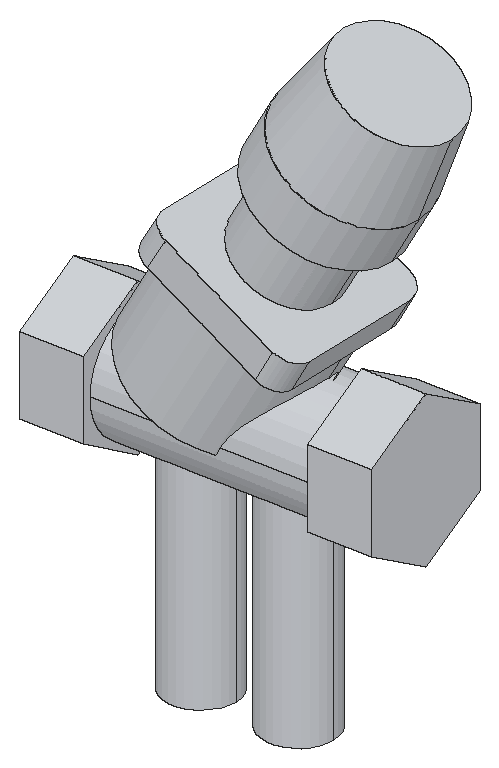
Revit family "OPTIMA_Compact_Plus_FF_DN20_5,0_RFA_2018", category Pipe Accessories, Revit 2018
Family settings
  Round Connector Dimension = Use Diameter
  Part Type = Valve - Breaks Into
  Work Plane-Based = No
  Always vertical = Yes
  Cut with Voids When Loaded = No
  Shared = No
Parameters (values of type "OPTIMA Compact Plus DN20 F-F 5.0mm")
  magiProductId = "3b063aaad6f44e8dbcb4679e4a622e"
  magiProductFamilyId = "01be67634ee84b2d9a1468c78c5465"
  magiPartTypeId = 304
  isMeasuringValve [instance] = no
  ang2D [instance] = 0.00°
  Z = 0 mm
  X = 10 mm
  W2D = 32 mm
  VersionID = "2.0/2018.8.28.1/FRESE_OPTIMA-COMPACT-FF_001"
  Use Minimum Symbol Size [instance] = yes
  URL = "www.hydronic.cz"
  Type Comments = "vnitřní závit; PN25; 0~120°C, s měřením"
  R9 = 8 mm
  R8 = 14 mm
  R7 = 17 mm
  R6 = 12 mm
  R5 = 5 mm
  R4 = 19 mm
  R3 = 19 mm
  R2 = 13.5 mm
  R1 = 17.5 mm
  QmdConnectorList = "301;D;302;D"
  Productdata [instance] = ""
  PLG0 = yes
  Manufacturer = "Hydronic Systems Prague s.r.o."
  MC Product Code = "53-1368  (3/4\" F-F; 5.0mm; Qmin-dpmin 220l/h-16.0kPa; Qmax-dpmin 1330l/h-21.6kPa; dpmax 800kPa)"
  MC Piping Given Pressure Drop [instance] = 0.0 Pa
  LL = 39.5 mm
  L3 = 11 mm
  L2D_Min = 3048 mm
  L2D = 104 mm
  L2 = 50.56 mm
  L1__ve = -L1  # -14.22 mm
  L1 = 14.22 mm
  H6__ve = -H6  # -59.5 mm
  H6 = 59.5 mm
  H5 = 20 mm
  H4 = 12 mm
  H3 = 18 mm
  H2 = 8 mm
  H1 = 26 mm
  Description = "Tlakově nezávislý 2-cestný regulační vyvažovací ventil (PICV)"
  D = 20 mm
  CenSd_R1_6 = R1 * cos(30.00°)  # 15.155 mm
  A = 30.00°
Types (6, lengths in mm): name | magiProductId | Z | X | R4 | R3 | R2 | R1 | MC Product Code | LL | L3 | L2 | L1__ve | L1 | H6__ve | H6 | H3 | H2 | H1 | D | CenSd_R1_6
  OPTIMA Compact Plus DN32 F-F 5.5mm | "df1c00d195034ef0b1ec6dc57a3080" | 1 | 13 | 29 | 31.5 | 22 | 26 | "53-1374  (5/4\" F-F; 5.5mm; Qmin-dpmin 550l/h-17.9kPa; Qmax-dpmin 4001l/h-28.0kPa; dpmax 800kPa)" | 52 | 12.5 | 66.56 | -18.72 | 18.72 | -68 | 68 | 16 | 10 | 46 | 32 | 22.517
  OPTIMA Compact Plus DN15 F-F 2.5mm | "89b348523dca4fefb6c7ae521abddd" | 0 | 7 | 19 | 19 | 12 | 15 | "53-1364  (1/2\" F-F; 2.5mm; Qmin-dpmin 100l/h-14.9kPa; Qmax-dpmin 575l/h-18.5kPa; dpmax 800kPa)" | 37.5 | 11 | 48 | -13.5 | 13.5 | -57 | 57 | 18 | 8 | 26 | 15 | 12.99
  OPTIMA Compact Plus DN15 F-F 5.0mm | "2e6505697e744e01b0ad9c2d669662" | 0 | 7 | 19 | 19 | 12 | 15 | "53-1365  (1/2\" F-F; 5.0mm; Qmin-dpmin 220l/h-16.0kPa; Qmax-dpmin 1330l/h-21.6kPa; dpmax 800kPa)" | 37.5 | 11 | 48 | -13.5 | 13.5 | -57 | 57 | 18 | 8 | 26 | 15 | 12.99
  OPTIMA Compact Plus DN20 F-F 5.0mm | "3b063aaad6f44e8dbcb4679e4a622e" | 0 | 10 | 19 | 19 | 13.5 | 17.5 | "53-1368  (3/4\" F-F; 5.0mm; Qmin-dpmin 220l/h-16.0kPa; Qmax-dpmin 1330l/h-21.6kPa; dpmax 800kPa)" | 39.5 | 11 | 50.56 | -14.22 | 14.22 | -59.5 | 59.5 | 18 | 8 | 26 | 20 | 15.155
  OPTIMA Compact Plus DN20 F-F 5.5mm | "6f2e419bcadf4dd2a9ff6e694a03fa" | 0 | 10 | 19 | 19 | 13.5 | 17.5 | "53-1338  (3/4\" F-F; 5.5mm; Qmin-dpmin 300l/h-17.8kPa; Qmax-dpmin 1800l/h-40.0kPa; dpmax 800kPa)" | 39.5 | 11 | 50.56 | -14.22 | 14.22 | -59.5 | 59.5 | 18 | 8 | 26 | 20 | 15.155
  OPTIMA Compact Plus DN25 F-F 5.5mm | "d9f644dbdce8417aa9c852cd9f0b5f" | 0 | 13 | 29 | 31.5 | 18.5 | 22 | "53-1373  (1\" F-F; 5.5mm; Qmin-dpmin 600l/h-17.3kPa; Qmax-dpmin 3609l/h-23.0kPa; dpmax 800kPa)" | 50 | 12.5 | 64 | -18 | 18 | -64 | 64 | 16 | 10 | 43 | 25 | 19.053
Reference planes
  plane 1 "Center (Front/Back)": y = 0
  plane 2 "XYPLANE": z = 0
  plane 3 "Center (Left/Right)": x = 0
  plane 4 "267": x = 11
  plane 5 "266": x = -11
  plane 6 "252": through (-607.519, 0, 447.746) normal (0.5, 0, 0.866)
  plane 7 "250": through (-617.519, 0, 430.426) normal (0.5, 0, 0.866)
  plane 8 "248": through (-623.519, 0, 420.033) normal (0.5, 0, 0.866)
  plane 9 "245": through (-632.519, 0, 404.445) normal (0.5, 0, 0.866)
  plane 10 "241": through (349.885, 0, 664.019) normal (0.866, 0, -0.5)
  plane 11 "240": through (382.794, 0, 645.019) normal (0.866, 0, -0.5)
  plane 12 "239": y = -19
  plane 13 "238": y = 19
  plane 14 "237": through (-636.519, 0, 397.517) normal (0.5, 0, 0.866)
  plane 15 "235": through (-649.519, 0, 375) normal (0.5, 0, 0.866)
  plane 16 "231": y = 0
  plane 17 "230": through (366.34, 0, 654.519) normal (0.866, 0, -0.5)
  plane 18 "211": x = -25.28
  plane 19 "204": x = 39.5
  plane 20 "203": x = -39.5
  plane 21 "202": x = 0
  plane 22 "201": z = 0
  plane 23 "200": y = 0
  plane 24 "227XY": through (-649.519, 0, 375) normal (0.5, 0, 0.866)
  plane 25 "227XZ": y = 0
  plane 26 "227YZ": through (375, 0, 649.519) normal (0.866, 0, -0.5)
Forms (mm)
  Extrusion 1, solid
    sketch origin (39.5, -750, 0) x (0, 1, 0) y (0, 0, 1)
      loop
        line (750, 17.5) -> (734.845, 8.75) -> (734.845, -8.75) -> (750, -17.5) -> (765.155, -8.75) -> (765.155, 8.75) -> (750, 17.5)
    from 0 to -14.22 <- "L1__ve"
  Extrusion 2, solid
    sketch origin (-39.5, -750, 0) x (0, 1, 0) y (0, 0, 1)
      loop
        line (750, 17.5) -> (734.845, 8.75) -> (734.845, -8.75) -> (750, -17.5) -> (765.155, -8.75) -> (765.155, 8.75) -> (750, 17.5)
    from 0 to 14.22 <- "L1"
  Extrusion 3, solid, visible <- "PLG0"
    sketch origin (-750, 0, 0) x (1, 0, 0) y (0, 1, 0)
      loop
        circle (761, 0) r 8
    from 0 to -59.5 <- "H6__ve"
  Extrusion 4, solid, visible <- "PLG0"
    sketch origin (-750, 0, 0) x (1, 0, 0) y (0, 1, 0)
      loop
        circle (739, 0) r 8
    from 0 to -59.5 <- "H6__ve"
  Blend 5, solid
    base sketch origin (-617.519, 0, 430.426) x (0.866025, 0, -0.5) y (0, 1, 0)
      loop
        circle (740, 0) r 17
    top sketch origin (-617.519, 0, 430.426) x (0.866025, 0, -0.5) y (0, 1, 0)
      loop
        circle (740, 0) r 14
    from 0 to 20
  Extrusion 6, solid
    sketch origin (-623.519, 0, 420.033) x (0.866025, 0, -0.5) y (0, 1, 0)
      loop
        circle (740, 0) r 17
    from 0 to 12 <- "H4"
  Extrusion 7, solid
    sketch origin (-632.519, 0, 404.445) x (0.866025, 0, -0.5) y (0, 1, 0)
      loop
        circle (740, 0) r 12
    from 0 to 18 <- "H3"
  Extrusion 8, solid
    sketch origin (-636.519, 0, 397.517) x (0.866025, 0, -0.5) y (0, 1, 0)
      loop
        arc (726, 19) -> (722.464, 17.536) -> (721, 14) r 5
        line (721, 14) -> (721, -14)
        arc (721, -14) -> (722.464, -17.536) -> (726, -19) r 5
        line (726, -19) -> (754, -19)
        arc (754, -19) -> (757.536, -17.536) -> (759, -14) r 5
        line (759, -14) -> (759, 14)
        arc (759, 14) -> (757.536, 17.536) -> (754, 19) r 5
        line (754, 19) -> (726, 19)
    from 0 to 8 <- "H2"
  Extrusion 9, solid
    sketch origin (-649.519, 0, 375) x (0.866025, 0, -0.5) y (0, 1, 0)
      loop
        circle (740, 0) r 19
    from 0 to 26 <- "H1"
  Extrusion 10, solid
    sketch origin (-25.28, -750, 0) x (0, 1, 0) y (0, 0, 1)
      loop
        circle (750, 0) r 13.5
    from 0 to 50.56 <- "L2"
  Extrusion 11, solid, not visible
    sketch origin (39.5, -750, 0) x (0, 1, 0) y (0, 0, 1)
      loop
        circle (750, 0) r 10
    from 0 to -10
  Extrusion 12, solid, not visible
    sketch origin (-39.5, -750, 0) x (0, 1, 0) y (0, 0, 1)
      loop
        circle (750, 0) r 10
    from 0 to 10
Lines and regions (mm)
  reference lines, not visible
    curve 1: circle (2, 2, 0) r 1 normal (0, 0, 1)
  reference lines
    curve 2: line (39.5, 0, 0) -> (39.5, -11.258, -6.5)
    curve 3: line (39.5, 0, 0) -> (39.5, 0, -13)
    curve 4: line (39.5, 0, 0) -> (39.5, 11.258, -6.5)
    curve 5: line (-39.5, 0, 0) -> (-39.5, 11.258, -6.5)
    curve 6: line (-39.5, 0, 0) -> (-39.5, 0, -13)
    curve 7: line (-39.5, 0, 0) -> (-39.5, -11.258, -6.5)
Dimensions and locks
  plane 1 "Center (Front/Back)" to curve 1 = 2 mm
  "L3": plane 3 "Center (Left/Right)" to plane 4 "267"
  "L3": plane 3 "Center (Left/Right)" to plane 5 "266"
  "H5": plane 7 "250" to plane 6 "252"
  "H4": plane 8 "248" to plane 7 "250"
  "H3": plane 9 "245" to plane 8 "248"
  "H2": plane 14 "237" to plane 9 "245"
  "R4": plane 17 "230" to plane 10 "241"
  "R4": plane 17 "230" to plane 11 "240"
  "R4": plane 23 "200" to plane 12 "239"
  "R4": plane 23 "200" to plane 13 "238"
  "H1": plane 15 "235" to plane 14 "237"
  "Z": plane 24 "227XY" to plane 15 "235"
  locked: plane 23 "200" to plane 16 "231"
  "X": plane 26 "227YZ" to plane 17 "230"
  "L1": plane 20 "203" to plane 18 "211"
  "LL": plane 3 "Center (Left/Right)" to plane 19 "204"
  "LL": plane 3 "Center (Left/Right)" to plane 20 "203"
  locked: plane 3 "Center (Left/Right)" to plane 21 "202"
  locked: plane 2 "XYPLANE" to plane 22 "201"
  locked: plane 1 "Center (Front/Back)" to plane 23 "200"
  "CenSd_R1_6": curve 2 to Extrusion 1 sketch curve  (x2)
  "CenSd_R1_6": curve 3 to Extrusion 1 sketch curve  (x2)
  "CenSd_R1_6": curve 4 to Extrusion 1 sketch curve  (x2)
  Extrusion 1 sketch curve to Extrusion 1 sketch curve = 0 mm  (x12)
  "CenSd_R1_6": curve 5 to Extrusion 2 sketch curve  (x2)
  "CenSd_R1_6": curve 6 to Extrusion 2 sketch curve  (x2)
  "CenSd_R1_6": curve 7 to Extrusion 2 sketch curve  (x2)
  Extrusion 2 sketch curve to Extrusion 2 sketch curve = 0 mm  (x12)
  Extrusion 8 sketch curve to Extrusion 8 sketch curve = 0 mm  (x16)
  "R9": radius of Extrusion 3 sketch curve
  "R9": radius of Extrusion 4 sketch curve
  "R8": radius of Blend 5 sketch curve
  "R7": radius of Blend 5 sketch curve
  "R7": radius of Extrusion 6 sketch curve
  "R6": radius of Extrusion 7 sketch curve
  "R5": radius of Extrusion 8 sketch curve  (x4)
  "R3": radius of Extrusion 9 sketch curve
  "R2": radius of Extrusion 10 sketch curve
  locked: curve 3 to curve 2 (angle 60.00°)
  locked: curve 4 to curve 3 (angle 60.00°)
  locked: curve 4 to curve 2 (angle 120.00°)
  locked: curve 6 to curve 5 (angle 60.00°)
  locked: curve 7 to curve 6 (angle 60.00°)
  locked: curve 7 to curve 5 (angle 120.00°)
  aligned and locked: level to plane 2 "XYPLANE"
  aligned and locked: plane 22 "201" to curve 4
  aligned and locked: curve 4 to plane 23 "200"
  aligned and locked: plane 22 "201" to curve 7
  aligned and locked: curve 7 to plane 23 "200"
  aligned and locked: plane 4 "267" to Extrusion 3 sketch curve
  aligned and locked: plane 23 "200" to Extrusion 3 sketch curve
  aligned and locked: plane 5 "266" to Extrusion 4 sketch curve
  aligned and locked: plane 23 "200" to Extrusion 4 sketch curve
  aligned and locked: plane 16 "231" to Blend 5 sketch curve  (x2)
  aligned and locked: Blend 5 sketch curve to plane 17 "230"  (x2)
  aligned and locked: plane 6 "252" to Blend 5
  aligned and locked: plane 16 "231" to Extrusion 6 sketch curve
  aligned and locked: Extrusion 6 sketch curve to plane 17 "230"
  aligned and locked: plane 16 "231" to Extrusion 7 sketch curve
  aligned and locked: Extrusion 7 sketch curve to plane 17 "230"
  aligned and locked: Extrusion 8 sketch curve to plane 10 "241"
  aligned and locked: Extrusion 8 sketch curve to plane 12 "239"
  aligned and locked: Extrusion 8 sketch curve to plane 11 "240"
  aligned and locked: plane 13 "238" to Extrusion 8 sketch curve
  aligned and locked: plane 16 "231" to Extrusion 9 sketch curve
  aligned and locked: Extrusion 9 sketch curve to plane 17 "230"
  aligned and locked: plane 22 "201" to Extrusion 10 sketch curve
  aligned and locked: Extrusion 10 sketch curve to plane 23 "200"
  aligned and locked: plane 22 "201" to Extrusion 11 sketch curve
  aligned and locked: Extrusion 11 sketch curve to plane 23 "200"
  aligned and locked: plane 22 "201" to Extrusion 12 sketch curve
  aligned and locked: Extrusion 12 sketch curve to plane 23 "200"
Automatic sketch dimensions
  plane 1 "Center (Front/Back)" to Extrusion 11 sketch curve = 10 mm
  plane 1 "Center (Front/Back)" to Extrusion 12 sketch curve = 10 mm
  plane 3 "Center (Left/Right)" to curve 1 = 2 mm
  radius of curve 1 = 1 mm
Connectors
  piping at (-39.5, 0, 0), diameter 20, driven by "D"
    settings: on Extrusion 12, index 1, connector inside diameter 609.6 mm, connector length 0 mm, flow factor 0, pipe flow 0.0 L/s, pressure drop 0.0 Pa, fitting loss kfactor 0, connector angle 0.00°, fixture units 0, engagement length 0 mm, angle of deflection 0.00°, flow configuration 0, flow direction 0, fitting loss method 0, system type 29, joint type 0, gender type 0, connector reference index 2, connector utility 0, adjustable connector no, is connector primary yes, connector description ""
  piping at (39.5, 0, 0), diameter 20, driven by "D"
    settings: on Extrusion 11, index 2, connector inside diameter 609.6 mm, connector length 0 mm, flow factor 0, pipe flow 0.0 L/s, pressure drop 0.0 Pa, fitting loss kfactor 0, connector angle 0.00°, fixture units 0, engagement length 0 mm, angle of deflection 0.00°, flow configuration 0, flow direction 0, fitting loss method 0, system type 29, joint type 0, gender type 0, connector reference index 1, connector utility 0, adjustable connector no, is connector primary no, connector description ""
